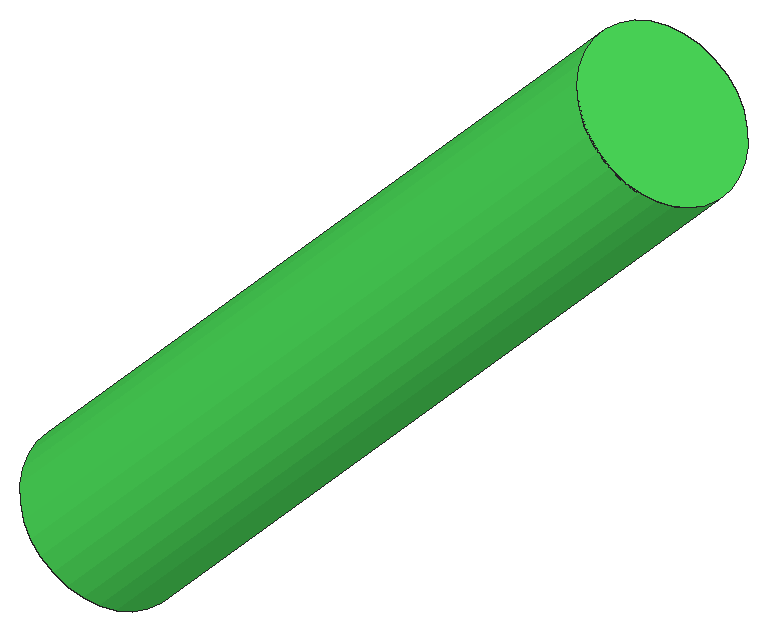
Revit family "機器サポート_鋼管（STK）", category Generic Models, Revit 2020
Family settings
  Can host rebar = No
  Round Connector Dimension = Use Diameter
  Part Type = Normal
  Work Plane-Based = Yes
  Always vertical = No
  Cut with Voids When Loaded = No
  Shared = No
  Room Calculation Point = No
Parameters (values of type "STK 101.6mm")
  長辺 [instance] = 長さ  # 500 mm
  長さ [instance] = 500 mm
  部屋名 = ""
  角度 [instance] = 45.00°
  直径 = 101.6 mm
  Default Elevation = 1219.2 mm
  構造マテリアル = E003_機器サポート
  半径 = 直径 / 2  # 50.8 mm
Types (29, lengths in mm): name | 直径 | 半径
  STK 101.6mm | 101.6 | 50.8
  STK 1016.0mm | 1016 | 508
  STK 114.3mm | 114.3 | 57.15
  STK 139.8mm | 139.8 | 69.9
  STK 165.2mm | 165.2 | 82.6
  STK 190.7mm | 190.7 | 95.35
  STK 21.7mm | 21.7 | 10.85
  STK 216.3mm | 216.3 | 108.15
  STK 267.4mm | 267.4 | 133.7
  STK 27.2mm | 27.2 | 13.6
  STK 318.5mm | 318.5 | 159.25
  STK 34.0mm | 34 | 17
  STK 355.6mm | 355.6 | 177.8
  STK 406.4mm | 406.4 | 203.2
  STK 42.7mm | 42.7 | 21.35
  STK 457.2mm | 457.2 | 228.6
  STK 48.6mm | 48.6 | 24.3
  STK 500.0mm | 500 | 250
  STK 508.0mm | 508 | 254
  STK 558.8mm | 558.8 | 279.4
  STK 60.5mm | 60.5 | 30.25
  STK 600.0mm | 600 | 300
  STK 609.6mm | 609.6 | 304.8
  STK 700.0mm | 700 | 350
  STK 711.2mm | 711.2 | 355.6
  STK 76.3mm | 76.3 | 38.15
  STK 812.8mm | 812.8 | 406.4
  STK 89.1mm | 89.1 | 44.55
  STK 914.4mm | 914.4 | 457.2
Reference planes
  plane 1 "中心(正面/背面)": y = 0
  plane 2: z = 0
  plane 3 "中心(左/右)": x = 0
Lines and regions (mm)
  reference lines
    curve 1: line (0, 0, 0) -> (848.528, 0, 848.528)
    curve 2: line (35.921, 0, -35.921) -> (-35.921, 0, 35.921)
    curve 3: line (389.474, 0, 317.632) -> (317.632, 0, 389.474)
Dimensions and locks
  equal spacing: curve 2, curve 1, curve 2
  "直径": curve 2 to curve 2
  equal spacing: curve 3, curve 1, curve 3
  "直径": curve 3 to curve 3
  "長さ": curve 3 to curve 2
  "角度": angle level to curve 1
  angle curve 2 to curve 1 = 90.00°
  angle curve 3 to curve 1 = 90.00°
  aligned and locked: level to plane 2
  aligned and locked: level to curve 1
  aligned and locked: plane 3 "中心(左/右)" to curve 1
  aligned and locked: nested 1 to curve 1
Nested families
  nested 1: "グレーチング_鋼管（STK）" at (0, 0, 0) x (0.7071, 0, -0.7071) z (0, -1, 0), 長さ <- "長さ", type "STK 21.7mm"
    with 長辺 500 mm, 長さ 500 mm, 直径 101.6 mm, 半径 50.8 mm
Definition of nested family "グレーチング_鋼管（STK）"
  Parameters (values of type "STK 165.2mm")
    長辺 [instance] = 長さ  # 1000 mm
    長さ [instance] = 1000 mm
    直径 = 165.2 mm
    Default Elevation = 1219.2 mm
    構造マテリアル = none
    半径 = 直径 / 2  # 82.6 mm
  Types (29, lengths in mm): name | 直径 | 半径
    STK 21.7mm | 21.7 | 10.85
    STK 27.2mm | 27.2 | 13.6
    STK 34.0mm | 34 | 17
    STK 42.7mm | 42.7 | 21.35
    STK 48.6mm | 48.6 | 24.3
    STK 60.5mm | 60.5 | 30.25
    STK 76.3mm | 76.3 | 38.15
    STK 89.1mm | 89.1 | 44.55
    STK 101.6mm | 101.6 | 50.8
    STK 114.3mm | 114.3 | 57.15
    STK 139.8mm | 139.8 | 69.9
    STK 165.2mm | 165.2 | 82.6
    STK 190.7mm | 190.7 | 95.35
    STK 216.3mm | 216.3 | 108.15
    STK 267.4mm | 267.4 | 133.7
    STK 318.5mm | 318.5 | 159.25
    STK 355.6mm | 355.6 | 177.8
    STK 406.4mm | 406.4 | 203.2
    STK 457.2mm | 457.2 | 228.6
    STK 500.0mm | 500 | 250
    STK 508.0mm | 508 | 254
    STK 558.8mm | 508 | 254
    STK 600.0mm | 600 | 300
    STK 609.6mm | 609.6 | 304.8
    STK 700.0mm | 700 | 350
    STK 711.2mm | 711.2 | 355.6
    STK 812.8mm | 812.8 | 406.4
    STK 914.4mm | 914.4 | 457.2
    STK 1016.0mm | 1016 | 508
  Reference planes
    plane 1 "中心(正面/背面)": y = 0
    plane 2: z = 0
    plane 3 "中心(左/右)": x = 0
  Forms (mm)
    Extrusion 1, solid, material <- "構造マテリアル"
      sketch origin (0, 0, 0) x (1, 0, 0) y (0, 0, 1)
        loop
          circle (0, 0) r 82.6
      from -1000 to 0
  Lines and regions (mm)
    reference lines
      curve 1: line (82.6, 1000, 0) -> (-82.6, 1000, 0)
      curve 2: line (82.6, 0, 0) -> (-82.6, 0, 0)
  Dimensions and locks
    "長さ": curve 1 to curve 2
    "直径": curve 1 to curve 1
    equal spacing: curve 1, plane 3 "中心(左/右)", curve 1
    "直径": curve 2 to curve 2
    equal spacing: curve 2, plane 3 "中心(左/右)", curve 2
    "半径": radius of Extrusion 1 sketch curve
    aligned and locked: level to plane 2
    aligned and locked: Extrusion 1 to curve 1
    aligned and locked: Extrusion 1 to curve 2
  Automatic sketch dimensions
    Extrusion 1 sketch curve to level = 0 mm
    Extrusion 1 sketch curve to plane 3 "中心(左/右)" = 0 mm
    plane 1 "中心(正面/背面)" to curve 2 = 0 mm
